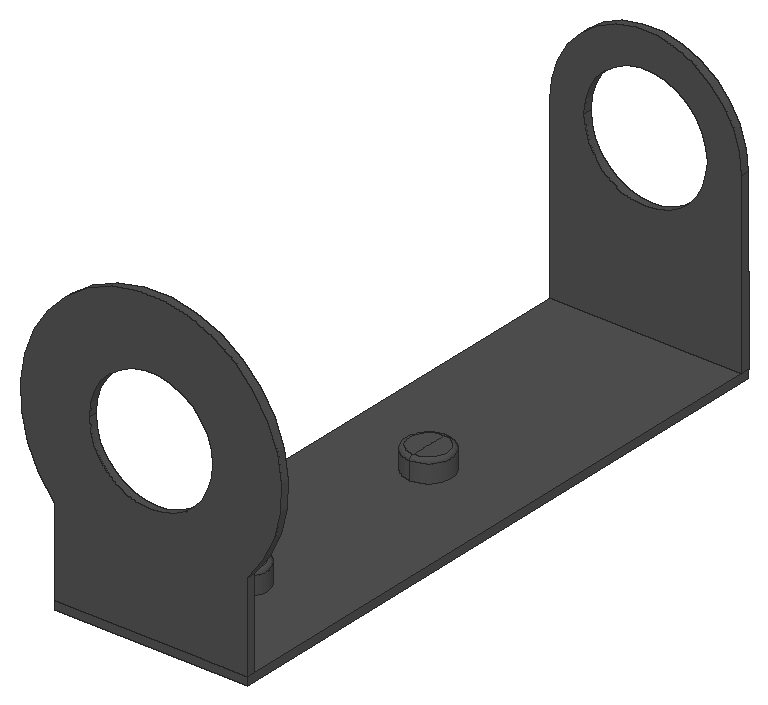
Revit family "CL60028-B_ROUND SOAP BOTTLE HOLDER", category Specialty Equipment, host Face, Revit 2015
Parameters (values of type "ROUND SOAP BOTTLE HOLDER BLACK")
  URL = "https://www.clark.com.au/"
  Model = "CL60028.B"
  Material_Base = GWA-Metal-Black
  Manufacturer = "GWA Bathrooms & Kitchens"  # constant formula
  Description = "ROUND SOAP BOTTLE HOLDER BLACK"
  Default Elevation = 900 mm
  CreatedBy_ANZRS = "GWA Bathrooms & Kitchens"  # constant formula
  Assembly Code = "C1030200"
Types (3, lengths in mm): name | Model | Material_Base | Description
  (no name) | "CL60028.B" | GWA-Metal-Black | "ROUND SOAP BOTTLE HOLDER BLACK"
  ROUND SOAP BOTTLE HOLDER BLACK | "CL60028.B" | GWA-Metal-Black | "ROUND SOAP BOTTLE HOLDER BLACK"
  ROUND SOAP BOTTLE HOLDER WHITE | "CL60028.W" | GWA-Metal-White | "ROUND SOAP BOTTLE HOLDER WHITE"
Reference planes
  plane 1 "Center (Front/Back)": y = 0
  plane 2: z = 0
  plane 3 "Center (Left/Right)": x = 0
Forms (mm)
  Extrusion 1, solid, material "GWA-Metal-Black" <- "Material_Base"
    sketch origin (0, 0, 0) x (1, 0, 0) y (0, 1, 0)
      loop
        line (-25, 81.25) -> (-25, -81.25) -> (25, -81.25) -> (25, 81.25) -> (-25, 81.25)
    from 0 to 2
  Revolve 2, solid, material "GWA-Metal-Black" <- "Material_Base"
    sketch origin (0, -51.25, 0) x (0, 1, 0) y (0, 0, 1)
      loop
        line (0, 2) -> (0, 7.6) -> (-5, 7.6)
        arc (-5, 7.6) -> (-5.707, 7.307) -> (-6, 6.6) r 1
        line (-6, 6.6) -> (-6, 2) -> (0, 2)
      axis (0, 7.6) -> (0, 2)
    angle from 0 to 360
  Revolve 3, solid, material "GWA-Metal-Black" <- "Material_Base"
    sketch origin (0, 8.75, 0) x (0, 1, 0) y (0, 0, 1)
      loop
        line (0, 2) -> (0, 7.6) -> (-5, 7.6)
        arc (-5, 7.6) -> (-5.707, 7.307) -> (-6, 6.6) r 1
        line (-6, 6.6) -> (-6, 2) -> (0, 2)
      axis (0, 7.6) -> (0, 2)
    angle from 0 to 360
  Extrusion 4, solid, material "GWA-Metal-Black" <- "Material_Base"
    sketch origin (0, 0, 0) x (1, 0, 0) y (0, 0, 1)
      loop
        line (25, 2) -> (25, 48)
        arc (25, 48) -> (0, 73) -> (-25, 48) r 25
        line (-25, 48) -> (-25, 2) -> (25, 2)
    from -81.25 to -79.25
  Extrusion 5, void
    sketch origin (0, 0, 0) x (1, 0, 0) y (0, 0, 1)
      loop
        circle (0, 48) r 16
    from -89.366 to 92.937
  Extrusion 6, solid, material "GWA-Metal-Black" <- "Material_Base"
    sketch origin (0, -10, 0) x (-1, 0, 0) y (0, 0, 1)
      loop
        line (25, 2) -> (25, 24.957)
        arc (25, 24.957) -> (0, 82) -> (-25, 24.957) r 34
        line (-25, 24.957) -> (-25, 2) -> (25, 2)
    from -71.25 to -69.25
Cuts and joins
  Extrusion 5 cuts Extrusion 4
  Extrusion 5 cuts Extrusion 6
Lines and regions (mm)
  Masking region 1
    outline origin (0, 0, 0) x (1, 0, 0) y (0, 1, 0)
      loop
        line (25, 81.25) -> (-25, 81.25) -> (-25, -79.25) -> (-34, -79.25) -> (-34, -81.25) -> (34, -81.25) -> (34, -79.25) -> (25, -79.25) -> (25, 81.25)
  Masking region 2
    outline origin (0, 0, 0) x (1, 0, 0) y (0, 0, 1)
      loop
        line (-25, 24.957) -> (-25, 0) -> (25, 0) -> (25, 24.957)
        arc (25, 24.957) -> (0, 82) -> (-25, 24.957) r 34
  Masking region 3
    outline origin (0, 0, 0) x (0, 1, 0) y (0, 0, 1)
      loop
        line (-81.25, 82) -> (-81.25, 0) -> (81.25, 0) -> (81.25, 73) -> (79.25, 73) -> (79.25, 2) -> (14.75, 2) -> (14.75, 6.6)
        arc (14.75, 6.6) -> (14.457, 7.307) -> (13.75, 7.6) r 1
        line (13.75, 7.6) -> (3.75, 7.6)
        arc (3.75, 7.6) -> (3.043, 7.307) -> (2.75, 6.6) r 1
        line (2.75, 6.6) -> (2.75, 2) -> (-45.25, 2) -> (-45.25, 6.6)
        arc (-45.25, 6.6) -> (-45.543, 7.307) -> (-46.25, 7.6) r 1
        line (-46.25, 7.6) -> (-56.25, 7.6)
        arc (-56.25, 7.6) -> (-56.957, 7.307) -> (-57.25, 6.6) r 1
        line (-57.25, 6.6) -> (-57.25, 2) -> (-79.25, 2) -> (-79.25, 82) -> (-81.25, 82)
  symbolic lines
    curve 1: circle (0, -51.25, 0) r 6 normal (0, 0, 1)
    curve 2: circle (0, 8.75, 0) r 6 normal (0, 0, 1)
    curve 3: line (-25, 79.25, 0) -> (25, 79.25, 0)
    curve 4: line (-25, -79.25, 0) -> (25, -79.25, 0)
    curve 5: arc (25, 0, 48) -> (0, 0, 73) -> (-25, 0, 48) r 25
    curve 6: arc (-16, 0, 48) -> (0, 0, 32) -> (16, 0, 48) r 16
    curve 7: arc (16, 0, 48) -> (0, 0, 64) -> (-16, 0, 48) r 16
    curve 8: line (25, 0, 24.957) -> (25, 0, 48)
    curve 9: line (-25, 0, 24.957) -> (-25, 0, 48)
    curve 10: line (0, 14.75, 2) -> (0, 2.75, 2)
    curve 11: line (0, -45.25, 2) -> (0, -57.25, 2)
Dimensions and locks
  aligned and locked: plane 2 to host face
  aligned and locked: level to host face
